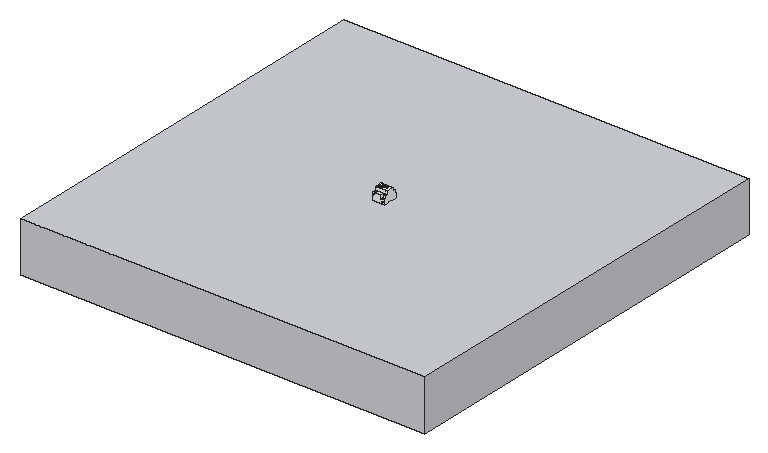
Revit family "Gira_215200", category Elektroinstallationen, Revit 2017
Family settings
  Basisbauteil = Fläche
  Beschriftungsausrichtung beibehalten = Nein
  Bemaßung runder Anschluss = Durchmesser verwenden
  Teiletyp = Normal
  Beim Laden mit Abzugskörper schneiden = Nein
  Gemeinsam genutzt = Nein
  Raumberechnungspunkt = Nein
Parameters (values of type "Jal.aktor 2f AC 230 V Hand KNX REG")
  Zusammenstellung = ""
  Zulassung nach PTB = no
  Default Elevation = 1219.2 mm
  Vor Ort-/Handbedienung = yes
  Verschiedene Phasen anschließbar = no
  Ventilschutzfunktion = no
  URL = "https://www.gira.de/"
  Typname = "Jal.aktor 2f AC 230 V Hand KNX REG"
  Type Comments = ""
  Tarifumschaltung = no
  Stromart = "AC"
  Stellgröße stetig = no
  Stellgröße schaltend = no
  Schutzart (IP) = "IP20"
  S0 Impulsschnittstelle = ""
  Produktseite = "https://media.stage.bim.site/t/eyJhbGciOiJIUzI1NiIsInR5cCI6IkpXVCJ9.eyJjdCI6MiwidHUiOiJodHRwOi8va2F0YWxvZy5naXJhLmRlL2RlX0RFL2RhdGVuYmxhdHQuaHRtbD9hcnRpa2VsbnI9MjE1MjAwIiwiY2lkIjoiMzI3N2NjMjMtODFhOS00ZWUzLWE5MGEtYjQ3YmI0YzBiNjE2IiwicmlkIjoiOTVmZDRkM2EwZDUzY2Y5NmJjNWJjMTIxNWM1YzE0ODAiLCJwaWQiOiJjODY5NGY3YjkzYjkwOGYzYjNiM2Q1NjhjZmEzMzU4NDJjNzI1NzNiIiwic2lkIjoiNjM0NzAiLCJ1dCI6MSwibGMiOiJkZSIsImlhdCI6MTYwMDkzNzE3NiwiaXNzIjoiaHR0cHM6Ly9hcGkubGl2ZS5iaW0uc2l0ZSIsInN1YiI6ImFkbWluQGJpbXNpdGUuZGV2In0.uM95QcJwb9PpTWboAIB2ff8IB_x6kI8I60eYVE2C8fw"
  Montageart = "REG"
  Modulare Erweiterungsmöglichkeit = no
  Model = ""
  Mit LED-Anzeige = no
  Mit Busankopplung = yes
  Max. Anzahl der Schaltausgänge = 0
  Max. Anzahl der Jalousieausgänge = 2
  Kosten = 0
  Hersteller = "Gira"
  HeinzeBIM = "https://www.heinze.de/bim/jal-aktor-2f-ac-230-v-hand-knx-reg/c8694f7b93b908f3b3b3d568cfa335842c72573b"
  Handschaltung = no
  HAN = "215200"
  Geeignet für C-Last = no
  GTIN = "4010337082231"
  Funktion Schalten = no
  Datenblatt 1 = "https://media.stage.bim.site/t/eyJhbGciOiJIUzI1NiIsInR5cCI6IkpXVCJ9.eyJjdCI6MSwidGYiOiJwdWJsaWMvZ2lyYS9hZThjNTU3LzIxNTIwMC50eHQiLCJjaWQiOiIzMjc3Y2MyMy04MWE5LTRlZTMtYTkwYS1iNDdiYjRjMGI2MTYiLCJyaWQiOiI5NWZkNGQzYTBkNTNjZjk2YmM1YmMxMjE1YzVjMTQ4MCIsInBpZCI6ImM4Njk0ZjdiOTNiOTA4ZjNiM2IzZDU2OGNmYTMzNTg0MmM3MjU3M2IiLCJzaWQiOiI2MzQ3MCIsInV0IjoxLCJsYyI6ImRlIiwiaWF0IjoxNjAwOTM3MTc2LCJpc3MiOiJodHRwczovL2FwaS5saXZlLmJpbS5zaXRlIiwic3ViIjoiYWRtaW5AYmltc2l0ZS5kZXYifQ.OGzlH27qDkFiEGKK8QKC06BA26lHf35XAMxda7bpYMw/215200.txt"
  Datenblatt = "https://media.stage.bim.site/t/eyJhbGciOiJIUzI1NiIsInR5cCI6IkpXVCJ9.eyJjdCI6MSwidHUiOiJodHRwczovL2thdGFsb2cuZ2lyYS5kZS9kZV9ERS9kb3dubG9hZC5odG1sP2FydGlrZWxucj0yMTUyMDAiLCJjaWQiOiIzMjc3Y2MyMy04MWE5LTRlZTMtYTkwYS1iNDdiYjRjMGI2MTYiLCJyaWQiOiI5NWZkNGQzYTBkNTNjZjk2YmM1YmMxMjE1YzVjMTQ4MCIsInBpZCI6ImM4Njk0ZjdiOTNiOTA4ZjNiM2IzZDU2OGNmYTMzNTg0MmM3MjU3M2IiLCJzaWQiOiI2MzQ3MCIsInV0IjoxLCJsYyI6ImRlIiwiaWF0IjoxNjAwOTM3MTc2LCJpc3MiOiJodHRwczovL2FwaS5saXZlLmJpbS5zaXRlIiwic3ViIjoiYWRtaW5AYmltc2l0ZS5kZXYifQ.0nbGPTsXnjYQhbu0Nz0-2c2H8gns4UFe2RRtaPY5EPk"
  Bussystem Powernet = no
  Bussystem LON = no
  Bussystem KNX-Funk = no
  Bussystem KNX = yes
  Bussystem Funkbus = no
  Busspannung pufferbar = no
  Busfähig = ""
  Breite in Teilungseinheiten = 4
  Blindleistung = no
  Beschreibung = "KNX Jalousieaktor 2fach AC 230 V mit Handbetätigung  REG plus Jalousieaktoren mit integrierter Busankopplung, Handbetätigung und Statusanzeige für jeden Ausgang. Zum Ansteuern von elektrisch betriebenen Jalousien, Rollläden, Markisen, Lüftungsklappen oder ähnlichen Behängen.  Merkmale:  Behangposition direkt ansteuerbar.  Lamellenstellung direkt ansteuerbar.  Verhalten bei Busspannungsausfall und -wiederkehr einstellbar.  Separat parametrierbare Fahrzeiten mit Fahrzeitverlängerung für Fahrten in die obere Endlage.  Zentrale Ansteuerung aller Jalousieausgänge möglich.  Rückmeldung der Behangposition oder der Lamellenposition.  Rückmeldungen lassen sich nach Busspannungswiederkehr verzögern.  Zuordnungen auf bis zu fünf verschiedene Sicherheitsfunktionen (drei Windalarme, ein Regenalarm, ein Frostalarm), wahlweise mit zyklischer Überwachung.  Zwangsstellungsfunktion für jeden Jalousieausgang realisierbar.  Einbeziehung in Szenen möglich, max. acht interne Szenen je Kanal sind parametrierbar.  Speicherfunktion für Lichtszenen.  Sonnenschutzfunktion mit festen und variablen Behang- oder Lamellenpositionen aktivierbar.  Erweiterter Sonnenschutz mit umfangreichen Steuerfunktionen.  Einbindung in Temperatur-Management des Gebäudes möglich.  Sperren einzelner Ausgänge per Hand oder Bus.  Aktive oder passive (Objekt auslesbar) zyklische Rückmeldefunktionen.  Baustellenbetrieb: Ausgänge manuell bedienbar ohne Busspannung nur mit der Betriebsspannung.  Für Netzspannung AC 230 V.  Anschluss verschiedener Außenleiter.  Unabhängige Ansteuerung der zwei Jalousieausgänge.  Automatische Behang Fahrzeiterkennung bei AC 230 V Antrieben mit mechanischen Endlagenschaltern.  Hinweise :  Montage auf DIN-Hutschiene."
  Assembly Code = ""
  Keynote = ""
  BIMSITE_PRODUCT_ID = "c8694f7b93b908f3b3b3d568cfa335842c72573b"
  BIM = "https://media.stage.bim.site/t/eyJhbGciOiJIUzI1NiIsInR5cCI6IkpXVCJ9.eyJjdCI6MSwidGYiOiJwdWJsaWMvZ2lyYS9hZThjNTU3L1JFRyA4Zi5yZmEiLCJjaWQiOiIzMjc3Y2MyMy04MWE5LTRlZTMtYTkwYS1iNDdiYjRjMGI2MTYiLCJyaWQiOiI5NWZkNGQzYTBkNTNjZjk2YmM1YmMxMjE1YzVjMTQ4MCIsInBpZCI6ImM4Njk0ZjdiOTNiOTA4ZjNiM2IzZDU2OGNmYTMzNTg0MmM3MjU3M2IiLCJzaWQiOiI2MzQ3MCIsInV0Ijo1LCJsYyI6ImRlIiwiaWF0IjoxNjAwOTM3MTc2LCJpc3MiOiJodHRwczovL2FwaS5saXZlLmJpbS5zaXRlIiwic3ViIjoiYWRtaW5AYmltc2l0ZS5kZXYifQ.0C8eekZSx_H-LyXQUp5mxaZWLmhqoPF3_Izlz_M7cGw/REG 8f.rfa"
  Ausgangsstrom [Ampere] = ""
  Ausgangsspannung [Volt] = ""
  Ausführung Text = ""
  Art der Spannungsversorgung = ""
  Anzahl der binären Eingänge = 0
  Anzahl der Eingänge = 1
  Anzahl der Ausgänge = 0
  Anschlussart = ""
  Andere Bussysteme = "ohne"
Reference planes
  plane 1 "Center (Front/Back)": y = 0
  plane 2: z = 0
  plane 3 "Center (Left/Right)": x = 0
Forms (mm)
  Extrusion 1, solid
    sketch origin (0, 0, 0) x (1, 0, 0) y (0, 1, 0)
      loop
        line (-1219.2, 1219.2) -> (-1219.2, -1219.2) -> (1219.2, -1219.2) -> (1219.2, 1219.2) -> (-1219.2, 1219.2)
    from 0 to -304.8
  Extrusion 2, solid, material "White", detail levels fine
    sketch origin (0, 0, 0) x (0, 1, 0) y (0, 0, 1)
      loop
        line (45.125, -2.619) -> (45.125, 24.95) -> (33.875, 24.95) -> (33.875, 43.8) -> (22.575, 43.8) -> (22.575, 62.05)
        arc (22.575, 62.05) -> (22.311, 62.686) -> (21.675, 62.95) r 0.9
        line (21.675, 62.95) -> (-21.175, 62.95)
        arc (-21.175, 62.95) -> (-21.785, 62.758) -> (-22.175, 62.25) r 1.064
        line (-22.175, 62.25) -> (-22.175, 43.8) -> (-44.725, 43.8) -> (-44.725, -2.619)
        arc (-44.725, -2.619) -> (-31.081, -5.433) -> (-17.243, -7.049) r 160
        line (-17.243, -7.049) -> (-13.165, -1.734) -> (-16.399, -0.807) -> (-16.399, 0) -> (17.8, 0) -> (17.8, -1.4) -> (16.8, -1.4) -> (14.749, -4.952)
        arc (14.749, -4.952) -> (18.64, -6.184) -> (22.7, -6.6) r 20
        arc (22.7, -6.6) -> (33.983, -5.009) -> (45.125, -2.619) r 160
    from -36 to 36
  Extrusion 3, void, detail levels fine
    sketch origin (0, 0, 0) x (1, 0, 0) y (0, 1, 0)
      loop
        circle (30, 26.925) r 2.55
      loop
        circle (21.75, 26.925) r 2.55
      loop
        circle (12.75, 26.925) r 2.55
      loop
        circle (4.5, 26.925) r 2.55
      loop
        circle (-4.5, 26.925) r 2.55
      loop
        circle (-12.75, 26.925) r 2.55
      loop
        circle (-21.75, 26.925) r 2.55
      loop
        circle (-30, 26.925) r 2.55
    from 37.936 to 43.8
  Extrusion 4, void, detail levels fine
    sketch origin (0, 11.25, -18.85) x (1, 0, 0) y (0, 1, 0)
      loop
        circle (30, 26.925) r 2.55
      loop
        circle (21.75, 26.925) r 2.55
      loop
        circle (12.75, 26.925) r 2.55
      loop
        circle (4.5, 26.925) r 2.55
      loop
        circle (-4.5, 26.925) r 2.55
      loop
        circle (-12.75, 26.925) r 2.55
      loop
        circle (-21.75, 26.925) r 2.55
      loop
        circle (-30, 26.925) r 2.55
    from 37.936 to 43.8
  Extrusion 5, void, detail levels fine
    sketch origin (0, 0, 0) x (1, 0, 0) y (0, 1, 0)
      loop
        circle (-13, -3.875) r 3
      loop
        circle (-23, -3.875) r 3
      loop
        circle (-23, -13.875) r 3
      loop
        circle (-13, -13.875) r 3
      loop
        circle (-29, -3.875) r 1.575
      loop
        circle (-29, -13.875) r 1.575
      loop
        circle (-7, -13.875) r 1.575
      loop
        circle (-15.4, 5.325) r 1.625
      loop
        circle (-11, 5.325) r 1.575
      loop
        circle (-6.6, 5.325) r 1.625
      loop
        circle (-2.2, 5.325) r 1.625
      loop
        circle (2.2, 5.325) r 1.625
      loop
        circle (6.6, 5.325) r 1.625
      loop
        circle (11, 5.325) r 1.575
      loop
        circle (15.4, 5.325) r 1.625
    from 58.253 to 62.95
  Extrusion 6, void, detail levels fine
    sketch origin (0, 0, 0) x (1, 0, 0) y (0, 1, 0)
      loop
        line (-32.175, -32.6) -> (-32.175, -34.9) -> (-31.24, -34.36) -> (-31.401, -37.165) -> (-32.175, -36.7) -> (-32.175, -44.875) -> (-20.175, -44.875) -> (-20.175, -37.33) -> (-19.075, -37.965) -> (-19.075, -33.635) -> (-20.175, -34.27) -> (-20.175, -32.6) -> (-32.175, -32.6)
    from 28.5 to 43.8
  Extrusion 7, solid, detail levels fine
    sketch origin (0, 0, 0) x (1, 0, 0) y (0, 1, 0)
      loop
        circle (-29.375, -36.2) r 0.5
      loop
        circle (-23.575, -36.2) r 0.5
    from 28.5 to 37.5
  Extrusion 8, void, detail levels fine
    sketch origin (0, 0, 0) x (1, 0, 0) y (0, 1, 0)
      loop
        line (15.289, -31.489) -> (15.289, -44.875) -> (36, -44.875) -> (36, -31.489) -> (15.289, -31.489)
    from 25 to 43.8
  Extrusion 9, void, detail levels fine
    sketch origin (0, 0, 0) x (1, 0, 0) y (0, 1, 0)
      loop
        circle (21.75, -37.925) r 2.55
      loop
        circle (30, -37.925) r 2.55
    from 19.086 to 24.95
  Extrusion 10, void, detail levels fine
    sketch origin (0, 0, 0) x (1, 0, 0) y (0, 0, 1)
      loop
        line (32.368, 26.75) -> (32.35, 28.865) -> (32.319, 32.45) -> (27.731, 32.45) -> (27.682, 26.75) -> (32.368, 26.75)
      loop
        line (24.118, 26.75) -> (24.1, 28.865) -> (24.069, 32.45) -> (19.481, 32.45) -> (19.432, 26.75) -> (24.118, 26.75)
      loop
        line (15.118, 26.75) -> (15.1, 28.865) -> (15.069, 32.45) -> (10.481, 32.45) -> (10.432, 26.75) -> (15.118, 26.75)
      loop
        line (6.868, 26.75) -> (6.85, 28.865) -> (6.819, 32.45) -> (2.231, 32.45) -> (2.182, 26.75) -> (6.868, 26.75)
      loop
        line (-2.182, 26.75) -> (-2.2, 28.865) -> (-2.231, 32.45) -> (-6.819, 32.45) -> (-6.868, 26.75) -> (-2.182, 26.75)
      loop
        line (-10.432, 26.75) -> (-10.45, 28.865) -> (-10.481, 32.45) -> (-15.069, 32.45) -> (-15.118, 26.75) -> (-10.432, 26.75)
      loop
        line (-19.35, 26.75) -> (-19.369, 28.865) -> (-19.4, 32.45) -> (-23.987, 32.45) -> (-24.037, 26.75) -> (-19.35, 26.75)
      loop
        line (-27.682, 26.75) -> (-27.7, 28.865) -> (-27.731, 32.45) -> (-32.319, 32.45) -> (-32.368, 26.75) -> (-27.682, 26.75)
    from -29.206 to -33.875
  Extrusion 11, void, detail levels fine
    sketch origin (0, 11.25, -19.567) x (1, 0, 0) y (0, 0, 1)
      loop
        line (32.368, 26.75) -> (32.35, 28.865) -> (32.319, 32.45) -> (27.731, 32.45) -> (27.682, 26.75) -> (32.368, 26.75)
      loop
        line (24.118, 26.75) -> (24.1, 28.865) -> (24.069, 32.45) -> (19.481, 32.45) -> (19.432, 26.75) -> (24.118, 26.75)
      loop
        line (15.118, 26.75) -> (15.1, 28.865) -> (15.069, 32.45) -> (10.481, 32.45) -> (10.432, 26.75) -> (15.118, 26.75)
      loop
        line (6.868, 26.75) -> (6.85, 28.865) -> (6.819, 32.45) -> (2.231, 32.45) -> (2.182, 26.75) -> (6.868, 26.75)
      loop
        line (-2.182, 26.75) -> (-2.2, 28.865) -> (-2.231, 32.45) -> (-6.819, 32.45) -> (-6.868, 26.75) -> (-2.182, 26.75)
      loop
        line (-10.432, 26.75) -> (-10.45, 28.865) -> (-10.481, 32.45) -> (-15.069, 32.45) -> (-15.118, 26.75) -> (-10.432, 26.75)
      loop
        line (-19.35, 26.75) -> (-19.369, 28.865) -> (-19.4, 32.45) -> (-23.987, 32.45) -> (-24.037, 26.75) -> (-19.35, 26.75)
      loop
        line (-27.682, 26.75) -> (-27.7, 28.865) -> (-27.731, 32.45) -> (-32.319, 32.45) -> (-32.368, 26.75) -> (-27.682, 26.75)
    from -29.206 to -33.875
  Extrusion 12, void, detail levels fine
    sketch origin (0, 0, 0) x (1, 0, 0) y (0, 0, 1)
      loop
        line (32.319, 12.883) -> (27.731, 12.883) -> (27.682, 7.183) -> (32.368, 7.183) -> (32.35, 9.298) -> (32.319, 12.883)
      loop
        line (24.069, 12.883) -> (19.481, 12.883) -> (19.432, 7.183) -> (24.118, 7.183) -> (24.1, 9.298) -> (24.069, 12.883)
    from 40.588 to 44.725
  Extrusion 13, solid, material "White", detail levels fine
    sketch origin (0, 0, 0) x (1, 0, 0) y (0, 1, 0)
      loop
        circle (-15.4, 5.325) r 1.625
      loop
        circle (-11, 5.325) r 1.575
      loop
        circle (-6.6, 5.325) r 1.625
      loop
        circle (-2.2, 5.325) r 1.625
      loop
        circle (2.2, 5.325) r 1.625
      loop
        circle (6.6, 5.325) r 1.625
      loop
        circle (11, 5.325) r 1.575
      loop
        circle (15.4, 5.325) r 1.625
      loop
        circle (-29, -3.875) r 1.575
      loop
        circle (-29, -13.875) r 1.575
      loop
        circle (-7, -13.875) r 1.575
    from 58.253 to 62.25
  Extrusion 14, solid, material "White", detail levels fine
    sketch origin (0, 0, 0) x (1, 0, 0) y (0, 1, 0)
      loop
        circle (-23, -3.875) r 3
      loop
        circle (-13, -3.875) r 3
      loop
        circle (-23, -13.875) r 3
      loop
        circle (-13, -13.875) r 3
    from 58.253 to 63.841
  Extrusion 15, solid, material "White", detail levels medium
    sketch origin (0, 0, 0) x (0, 1, 0) y (0, 0, 1)
      loop
        line (45.125, -7.049) -> (45.125, 24.95) -> (33.875, 24.95) -> (33.875, 43.8) -> (22.575, 43.8) -> (22.575, 63.841) -> (-22.175, 63.841) -> (-22.175, 43.8) -> (-44.725, 43.8) -> (-44.725, -7.049) -> (45.125, -7.049)
    from -36 to 36
  Extrusion 16, solid, material "White", detail levels coarse
    sketch origin (0, 0, 0) x (0, 1, 0) y (0, 0, 1)
      loop
        line (45.125, -7.049) -> (45.125, 63.841) -> (-44.725, 63.841) -> (-44.725, -7.049) -> (45.125, -7.049)
    from -36 to 36
Cuts and joins
  Extrusion 3, Extrusion 4, Extrusion 5, Extrusion 6, Extrusion 8, Extrusion 9, Extrusion 10, Extrusion 11, Extrusion 12 cuts Extrusion 2
Dimensions and locks
  aligned and locked: plane 2 to Extrusion 1
  aligned and locked: level to Extrusion 1
